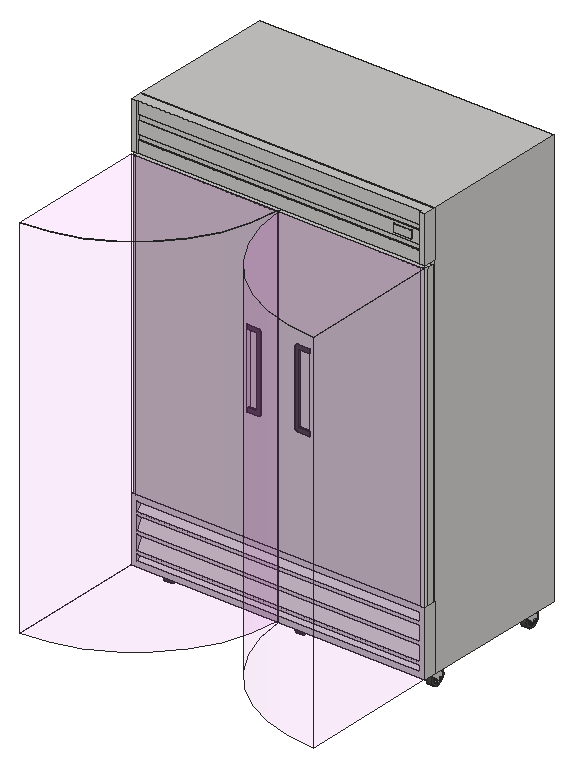
Revit family "QF_Summit_ACFF436L_General_Purpose_Healthcare_Freezer", category Specialty Equipment, Revit 2020
Family settings
  Round Connector Dimension = Use Diameter
  Part Type = Normal
  Work Plane-Based = No
  Always vertical = Yes
  Cut with Voids When Loaded = No
  Shared = No
  Room Calculation Point = No
Parameters
  Weight in Pounds = 428
  Watts = if(Phase = 3, Volts * FL Amps * 1.73, Volts * FL Amps)  # 517.5 W
  Volts = 115 V
  URL Cutsheet = ""
  Specification by User = ""
  Specification by Manufacturer = ""
  Show Clearance [instance] = yes
  Serial Number = ""
  Seismic Rating = ""
  SMACNA No = ""
  Revision Code = ""
  Phase = 1
  Number of Poles = 1
  NAFEM Spec ID Number = ""
  Model = "ACFF436L"
  Min Ckt Ampacity = 0 A
  Max Overcurrent Protection = 0 A
  Masterspec = ""
  Manufacturer = "Summit"
  Length = 54 1/4"
  Item Number = ""
  Installed By = ""
  Identify Quantity as Lot = yes
  Height = 81 1/2"
  HP = ""
  Furnished By = ""
  Foodservice Equipment Identifier = yes
  FL Amps = 4.5 A
  Electrical Remarks = ""
  Electric Connection Type = ""
  Elec Conn RI Height = 0"
  Elec Conn Connection Height = 0"
  Description = "General Purpose Healthcare Freezer"
  Depth = 29 3/4"
  Default Elevation = 0"
  Cycle = 60 Hz
  Conn Plug = ""
  Conn Conduit = yes
  CSI MasterFormat = ""
  Apparent Power = if(Phase = 3, Volts * FL Amps * 1.73, Volts * FL Amps)  # 517.5 VA
Reference planes (in)
  plane 1 "BACK": y = 0
  plane 2: z = 0
  plane 3 "LEFT": x = 0
  plane 4 "RIGHT": x = 54.25
  plane 5 "FRONT": y = -29.75
  plane 6 "TOP": z = 81.5
  plane 7 "Center Y": x = 27.125
  plane 8 "Center X": y = -14.875
  plane 9 "Base Height": z = 3.5
  plane 10: y = 0.75
  plane 11: y = -55.5
  plane 12: y = -27.5
Forms (in)
  Extrusion 1, solid, material "QF_Metal_Stainless_Polished"
    sketch origin (0, 0, 3.5) x (-1, 0, 0) y (0, -1, 0)
      loop
        line (-1, 26.5) -> (-53.25, 26.5) -> (-53.25, 1) -> (-1, 1) -> (-1, 26.5)
    from 0 to 0.75
  Extrusion 2, solid, material "QF_Metal_Stainless_Polished"
    sketch origin (0, 0, 4.25) x (-1, 0, 0) y (0, -1, 0)
      loop
        line (0, 0) -> (0, 27.5) -> (-54.25, 27.5) -> (-54.25, 0) -> (0, 0)
    from 0 to 77.25
  Extrusion 3, solid, material "QF_Metal_Stainless_Polished"
    sketch origin (57.38997, -27.5, 4.25) x (-1, 0, 0) y (0, 0, -1)
      loop
        line (57.38997, -77.25) -> (57.38997, -68.625) -> (56.38997, -68.625) -> (56.38997, -77.25) -> (57.38997, -77.25)
      loop
        line (3.13997, -77.25) -> (4.13997, -77.25) -> (4.13997, -68.625) -> (3.13997, -68.625) -> (3.13997, -77.25)
      loop
        line (57.38997, -12) -> (57.38997, 0) -> (3.13997, 0) -> (3.13997, -12) -> (57.38997, -12)
      loop
        line (56.38997, -1) -> (4.13997, -1) -> (4.13997, -11) -> (56.38997, -11) -> (56.38997, -1)
    from 0 to 2.25
  Extrusion 4, solid, material "QF_Metal_Stainless_Polished"
    sketch origin (1, -27.5, 81.5) x (0, 0, -1) y (0, 1, 0)
      loop
        line (75, -2.25) -> (75, -1) -> (76.25, -2.25) -> (76.25, 0) -> (66.25, 0) -> (66.25, -1) -> (68, -2.25) -> (68.5, -2.25) -> (68.5, -1) -> (71.25, -2.25) -> (71.75, -2.25) -> (71.75, -1) -> (74.5, -2.25) -> (75, -2.25)
      loop
        line (2.25, -2) -> (2.25, -1.75) -> (3.25, -1.75) -> (3.25, -2) -> (5.5, -2) -> (5.5, -1.75) -> (6.5, -1.75) -> (6.5, -2) -> (8.625, -2) -> (8.625, 0) -> (0, 0) -> (0, -2) -> (2.25, -2)
    from 0 to 52.25
  Extrusion 5, solid, material "QF_Rubber - Black - Smooth"
    sketch origin (57.38997, -27.5, 4.25) x (-1, 0, 0) y (0, 0, -1)
      loop
        line (57.01497, -12.375) -> (3.51497, -12.375) -> (3.51497, -67.75) -> (57.01497, -67.75) -> (57.01497, -12.375)
    from 0 to 0.5
  Extrusion 6, solid, material "QF_Metal_Stainless_Polished"
    sketch origin (54.25, -27.5, 16.25) x (-1, 0, 0) y (0, -1, 0)
      loop
        arc (53.5, 2.2465) -> (54.03033, 2.02683) -> (54.25, 1.4965) r 0.75
        line (54.25, 1.4965) -> (54.25, 0.5) -> (27.25, 0.5) -> (27.25, 2.25) -> (53.5, 2.25)
      loop
        arc (0.75, 2.2465) -> (0.21967, 2.02683) -> (0, 1.4965) r 0.75
        line (0, 1.4965) -> (0, 0.5) -> (27, 0.5) -> (27, 2.25) -> (0.75, 2.25)
    from 0 to 56.125
  Extrusion 7, solid, material "QF_Metal_Stainless_Polished"
    sketch origin (1, -29.5, 81.5) x (0, 0, -1) y (1, 0, 0)
      loop
        line (4.98688, 50.65) -> (3.76313, 50.65)
        arc (3.76313, 50.65) -> (3.68534, 50.61778) -> (3.65313, 50.54) r 0.11
        line (3.65313, 50.54) -> (3.65313, 47.46)
        arc (3.65313, 47.46) -> (3.68534, 47.38222) -> (3.76313, 47.35) r 0.11
        line (3.76313, 47.35) -> (4.98688, 47.35)
        arc (4.98688, 47.35) -> (5.06466, 47.38222) -> (5.09688, 47.46) r 0.11
        line (5.09688, 47.46) -> (5.09688, 50.54)
        arc (5.09688, 50.54) -> (5.06466, 50.61778) -> (4.98688, 50.65) r 0.11
    from 0 to 0.0625
  Extrusion 8, void
    sketch origin (1, -29.5, 81.5) x (0, 0, -1) y (1, 0, 0)
      loop
        line (29.8125, 22.375) -> (29.8125, 20.25) -> (44.3125, 20.25) -> (44.3125, 22.375)
        arc (44.3125, 22.375) -> (44.12944, 22.81694) -> (43.6875, 23) r 0.625
        line (43.6875, 23) -> (30.4375, 23)
        arc (30.4375, 23) -> (29.99556, 22.81694) -> (29.8125, 22.375) r 0.625
      loop
        arc (29.8125, 29.875) -> (29.99556, 29.43306) -> (30.4375, 29.25) r 0.625
        line (30.4375, 29.25) -> (43.6875, 29.25)
        arc (43.6875, 29.25) -> (44.12944, 29.43306) -> (44.3125, 29.875) r 0.625
        line (44.3125, 29.875) -> (44.3125, 32) -> (29.8125, 32) -> (29.8125, 29.875)
    from -0.5 to 0.5
  Extrusion 9, solid, material "QF_Metal_Black"
    sketch origin (27, -29.75, 16.25) x (-1, 0, 0) y (0, 0, -1)
      loop
        line (3.625, -35.4375) -> (5.75, -35.4375) -> (5.75, -34.6872) -> (3.8753, -34.6872)
        arc (3.8753, -34.6872) -> (3.78227, -34.64617) -> (3.7503, -34.54965) r 0.1253
        line (3.7503, -34.54965) -> (3.7503, -21.82535)
        arc (3.7503, -21.82535) -> (3.78227, -21.72883) -> (3.8753, -21.6878) r 0.1253
        line (3.8753, -21.6878) -> (5.75, -21.6878) -> (5.75, -20.9375) -> (3.625, -20.9375)
        arc (3.625, -20.9375) -> (3.18306, -21.12056) -> (3, -21.5625) r 0.625
        line (3, -21.5625) -> (3, -34.8125)
        arc (3, -34.8125) -> (3.18306, -35.25444) -> (3.625, -35.4375) r 0.625
      loop
        arc (-3.875, -35.4375) -> (-3.43306, -35.25444) -> (-3.25, -34.8125) r 0.625
        line (-3.25, -34.8125) -> (-3.25, -21.5625)
        arc (-3.25, -21.5625) -> (-3.43306, -21.12056) -> (-3.875, -20.9375) r 0.625
        line (-3.875, -20.9375) -> (-6, -20.9375) -> (-6, -21.6878) -> (-4.1253, -21.6878)
        arc (-4.1253, -21.6878) -> (-4.03227, -21.72883) -> (-4.0003, -21.82535) r 0.1253
        line (-4.0003, -21.82535) -> (-4.0003, -34.54965)
        arc (-4.0003, -34.54965) -> (-4.03227, -34.64617) -> (-4.1253, -34.6872) r 0.1253
        line (-4.1253, -34.6872) -> (-6, -34.6872) -> (-6, -35.4375) -> (-3.875, -35.4375)
    from 0 to -0.25
  Extrusion 10, solid
    sketch origin (0, 0, 4.25) x (1, 0, 0) y (0, 0, -1)
      loop
        circle (50.68575, -1.3843) r 0.25
    from 0 to 0.0625
  Extrusion 11, solid
    sketch origin (0, 0, 4.25) x (1, 0, 0) y (0, 0, -1)
      loop
        line (44.5, -8.5) -> (46.25, -8.5) -> (46.25, -6.25) -> (44.5, -6.25) -> (44.5, -8.5)
    from 0 to 0.75
  Extrusion 12, solid, material "QF_Clearances_Door_Drawer", visible <- "Show Clearance"
    sketch origin (54.25, -27.5, 16.25) x (0, -1, 0) y (-1, 0, 0)
      loop
        arc (2.25, 27.27895) -> (20.52882, 35.6053) -> (28, 54.25) r 27
        line (28, 54.25) -> (2.25, 54.25) -> (2.25, 27.27895)
      loop
        line (2.25, 26.97105) -> (2.25, 0) -> (28, 0)
        arc (28, 0) -> (20.52882, 18.6447) -> (2.25, 26.97105) r 27
    from -56.125 to 12
Cuts and joins
  joined: Extrusion 3, Extrusion 4
  Extrusion 8 cuts Extrusion 6
Lines and regions (in)
  Split face 1
    outline origin (1, -29.5625, 81.5) x (0, 0, -1) y (1, 0, 0)
      loop
        line (4.61563, 48.0375) -> (4.61563, 49.9614) -> (3.85938, 49.9614) -> (3.85938, 48.0375) -> (4.61563, 48.0375)
  Split face 2
    outline origin (1, -29.5625, 81.5) x (0, 0, -1) y (1, 0, 0)
      loop
        line (4.01486, 50.41322) -> (3.82958, 50.30625) -> (4.01486, 50.19928) -> (4.01486, 50.41322)
  Split face 3
    outline origin (1, -29.5625, 81.5) x (0, 0, -1) y (1, 0, 0)
      loop
        line (4.28794, 50.41322) -> (4.28794, 50.19928) -> (4.47322, 50.30625) -> (4.28794, 50.41322)
  Split face 4
    outline origin (1, -29.5625, 81.5) x (0, 0, -1) y (1, 0, 0)
      loop
        circle (4.90931, 50.30625) r 0.10697
  symbolic lines
    curve 1: line (0, 0, 3.5) -> (54.25, 0, 3.5)
    curve 2: line (0, -29.75, 3.5) -> (0, 0, 3.5)
    curve 3: line (54.25, -27.5, 3.5) -> (0, -27.5, 3.5)
    curve 4: line (54.25, 0, 3.5) -> (54.25, -29.75, 3.5)
    curve 5: line (1, -29.5, 3.5) -> (53.25, -29.5, 3.5)
    curve 6: line (0, -29.75, 3.5) -> (54.25, -29.75, 3.5)
    curve 7: line (53.25, -29.5, 3.5) -> (53.25, -29.75, 3.5)
    curve 8: line (1, -29.5, 3.5) -> (1, -29.75, 3.5)
    curve 13: line (44.5, 0, 3.5) -> (44.5, 0.75, 3.5)
    curve 14: line (44.5, 0.75, 3.5) -> (46.25, 0.75, 3.5)
    curve 15: line (46.25, 0.75, 3.5) -> (46.25, 0, 3.5)
  symbolic lines, style "QF_Clearances_Door_Drawer", visible <- "Show Clearance"
    curve 9: line (54.25, -29.75, 3.5) -> (31.42738, -42.92664, 3.5)
    curve 10: arc (31.42738, -42.92664, 3.5) -> (28.4962, -36.60812, 3.5) -> (27.27895, -29.75, 3.5) r 27
    curve 11: line (0, -29.75, 3.5) -> (22.82262, -42.92664, 3.5)
    curve 12: arc (22.82262, -42.92664, 3.5) -> (25.7538, -36.60812, 3.5) -> (26.97105, -29.75, 3.5) r 27
Dimensions and locks (in)
  equal spacing: plane 3 "LEFT", plane 7 "Center Y", plane 4 "RIGHT"
  "Length": plane 3 "LEFT" to plane 4 "RIGHT"
  equal spacing: plane 5 "FRONT", plane 8 "Center X", plane 1 "BACK"
  "Depth": plane 5 "FRONT" to plane 1 "BACK"
  "Height": plane 6 "TOP" to level
  plane 9 "Base Height" to level = 3 1/2"
  plane 6 "TOP" to plane 9 "Base Height" = 78"
  plane 1 "BACK" to plane 10 = 3/4"
  plane 10 to plane 11 = 56 1/4"
  plane 12 to plane 1 "BACK" = 27 1/2"
  aligned and locked: level to plane 2
Automatic sketch dimensions
  plane 1 "BACK" to Extrusion 1 sketch curve = 1"
  plane 4 "RIGHT" to Extrusion 1 sketch curve = 1"
  plane 3 "LEFT" to Extrusion 1 sketch curve = 1"
  plane 12 to Extrusion 1 sketch curve = 1"
  Extrusion 1 to Extrusion 2 sketch curve = 1"  (x4)
  Extrusion 3 sketch curve to Extrusion 2 = 0"  (x7)
  Extrusion 3 sketch curve to Extrusion 2 = 1"  (x2)
  Extrusion 2 to Extrusion 3 sketch curve = 1"  (x3)
  Extrusion 2 to Extrusion 3 sketch curve = 8 5/8"  (x2)
  Extrusion 2 to Extrusion 3 sketch curve = 12"
  Extrusion 3 sketch curve to Extrusion 3 sketch curve = 1"
  Extrusion 3 to Extrusion 4 sketch curve = 0"
  Extrusion 4 sketch curve to Extrusion 3 = 0"  (x7)
  Extrusion 3 to Extrusion 4 sketch curve = 1/4"  (x3)
  Extrusion 3 to Extrusion 4 sketch curve = 2 1/4"
  Extrusion 4 sketch curve to Extrusion 4 sketch curve = 1"  (x2)
  Extrusion 4 sketch curve to Extrusion 4 sketch curve = 2 1/4"
  Extrusion 3 to Extrusion 4 sketch curve = 1/2"
  Extrusion 4 sketch curve to Extrusion 3 = 57 5/8"
  Extrusion 4 sketch curve to Extrusion 4 sketch curve = 1 3/4"
  Extrusion 4 sketch curve to Extrusion 4 sketch curve = 1/2"  (x3)
  Extrusion 4 sketch curve to Extrusion 4 sketch curve = 2 3/4"  (x2)
  Extrusion 3 to Extrusion 4 sketch curve = 1"  (x4)
  Extrusion 4 sketch curve to Extrusion 4 sketch curve = 1 1/4"
  Extrusion 4 sketch curve to Extrusion 4 sketch curve = 1/4"
  Extrusion 5 sketch curve to Extrusion 2 = 3/8"
  Extrusion 2 to Extrusion 5 sketch curve = 3/8"
  Extrusion 2 to Extrusion 5 sketch curve = 9 1/2"
  Extrusion 2 to Extrusion 5 sketch curve = 12 3/8"
  Extrusion 6 sketch curve to Extrusion 3 = 0"  (x4)
  Extrusion 6 sketch curve to Extrusion 6 sketch curve = 3/4"
  Extrusion 3 to Extrusion 6 sketch curve = 1/2"
  Extrusion 6 sketch curve to Extrusion 6 sketch curve = 26 1/4"
  Extrusion 6 sketch curve to Extrusion 6 sketch curve = 1/4"
  Extrusion 6 sketch curve to Extrusion 3 = 3/4"
  Extrusion 6 sketch curve to Extrusion 6 sketch curve = 0"  (x3)
  Extrusion 3 to Extrusion 6 sketch curve = 0.7535"  (x2)
  Extrusion 4 to Extrusion 7 sketch curve = 0.40313"
  Extrusion 7 sketch curve to Extrusion 7 sketch curve = 0.11"  (x3)
  Extrusion 7 sketch curve to Extrusion 4 = 0.51312"  (x2)
  Extrusion 4 to Extrusion 7 sketch curve = 4.9"
  Extrusion 4 to Extrusion 7 sketch curve = 1.71"
  Split face 1 sketch curve to Extrusion 7 = 0.20625"
  Split face 1 sketch curve to Extrusion 7 = 0.48125"
  Split face 1 sketch curve to Extrusion 7 = 11/16"
  Split face 1 sketch curve to Extrusion 7 = 0.6886"
  Split face 2 sketch curve to Extrusion 7 = 0.36173"
  Split face 2 sketch curve to Extrusion 7 = 0.23678"
  Split face 2 sketch curve to Split face 2 sketch curve = 0.18528"
  Split face 2 sketch curve to Split face 2 sketch curve = 0.10697"  (x2)
  Split face 3 sketch curve to Extrusion 7 = 0.63482"
  Split face 3 sketch curve to Extrusion 7 = 0.45072"
  Split face 3 sketch curve to Extrusion 7 = 0.23678"
  Split face 3 sketch curve to Split face 3 sketch curve = 0.18528"
  Split face 3 sketch curve to Split face 3 sketch curve = 0.10697"
  Split face 4 sketch curve to Extrusion 7 = 0.18757"
  Split face 4 sketch curve to Extrusion 7 = 11/32"
  Extrusion 4 to Extrusion 8 sketch curve = 24 5/16"
  Extrusion 8 sketch curve to Extrusion 8 sketch curve = 0"  (x2)
  Extrusion 8 sketch curve to Extrusion 8 sketch curve = 5/8"  (x4)
  Extrusion 8 sketch curve to Extrusion 8 sketch curve = 13 1/4"
  Extrusion 4 to Extrusion 8 sketch curve = 20 1/4"
  Extrusion 8 sketch curve to Extrusion 8 sketch curve = 2 1/8"  (x2)
  Extrusion 8 sketch curve to Extrusion 8 sketch curve = 6 1/4"
  Extrusion 9 sketch curve to Extrusion 6 = 6"  (x2)
  Extrusion 9 sketch curve to Extrusion 9 sketch curve = 1.8747"  (x4)
  Extrusion 9 sketch curve to Extrusion 9 sketch curve = 0.0003"  (x4)
  Extrusion 9 sketch curve to Extrusion 9 sketch curve = 0.1247"  (x3)
  Extrusion 9 sketch curve to Extrusion 9 sketch curve = 0.2503"  (x2)
  Extrusion 9 sketch curve to Extrusion 9 sketch curve = 5/8"  (x4)
  Extrusion 6 to Extrusion 9 sketch curve = 3"
  Extrusion 9 sketch curve to Extrusion 9 sketch curve = 0.1253"  (x4)
  Extrusion 6 to Extrusion 9 sketch curve = 20 11/16"
  Extrusion 9 sketch curve to Extrusion 9 sketch curve = 0.7503"
  Extrusion 9 sketch curve to Extrusion 9 sketch curve = 12.72431"
  Extrusion 9 sketch curve to Extrusion 9 sketch curve = 0"
  Extrusion 9 sketch curve to Extrusion 9 sketch curve = 0.01225"  (x2)
  Extrusion 9 sketch curve to Extrusion 9 sketch curve = 0.26285"  (x2)
  Extrusion 2 to Extrusion 10 sketch curve = 1.3843"
  Extrusion 10 sketch curve to Extrusion 2 = 3.56425"
  Extrusion 11 sketch curve to Extrusion 2 = 9 3/4"
  Extrusion 11 sketch curve to Extrusion 11 sketch curve = 1 3/4"
  Extrusion 2 to Extrusion 11 sketch curve = 68 3/4"
  Extrusion 11 sketch curve to Extrusion 11 sketch curve = 2 1/4"
  Extrusion 12 sketch curve to Extrusion 6 = 0"  (x3)
  Extrusion 6 to Extrusion 12 sketch curve = 0"
  Extrusion 6 to Extrusion 12 sketch curve = 1/2"  (x2)
  Extrusion 12 sketch curve to Extrusion 12 sketch curve = 25 3/4"
  Extrusion 12 sketch curve to Extrusion 6 = 25 3/4"
  curve 9 to plane 4 "RIGHT" = 0"
  curve 10 to plane 4 "RIGHT" = 0"
  plane 5 "FRONT" to curve 7 = 0"
  curve 15 to plane 10 = 0"
  plane 1 "BACK" to curve 13 = 0"
  curve 3 to plane 3 "LEFT" = 0"
  curve 12 to plane 3 "LEFT" = 0"
  curve 3 to plane 12 = 0"
  curve 5 to plane 5 "FRONT" = 1/4"
  plane 4 "RIGHT" to curve 5 = 1"
  plane 4 "RIGHT" to curve 13 = 9 3/4"
  plane 7 "Center Y" to curve 9 = 4.30238"
  curve 11 to plane 7 "Center Y" = 4.30238"
  plane 3 "LEFT" to curve 5 = 1"
  curve 3 to curve 12 = 1"
  curve 3 to curve 10 = 1"
  plane 11 to curve 9 = 12.57336"
  curve 11 to curve 10 = 0"
  curve 15 to curve 13 = 1 3/4"
  radius of Split face 4 sketch curve = 0.10697"
  radius of Extrusion 10 sketch curve = 1/4"
Nested families (in)
  nested 1: "3.5 INCHES_CASTER" at (51.4375, -2.8125, 0), type "3.5 INCHES_CASTER"
    with Show Key Lock no, Show 3.5 Inches Casters yes, F5 yes
  nested 2: "3.5 INCHES_CASTER" at (51.4375, -24.6875, 0), type "3.5 INCHES_CASTER"
    with Show Key Lock no, Show 3.5 Inches Casters yes, F5 yes
  nested 3: "3.5 INCHES_CASTER" at (27.125, -2.8125, 0), type "3.5 INCHES_CASTER"
    with Show Key Lock no, Show 3.5 Inches Casters yes, F5 yes
  nested 4: "3.5 INCHES_CASTER" at (27.125, -24.6875, 0), type "3.5 INCHES_CASTER"
    with Show Key Lock no, Show 3.5 Inches Casters yes, F5 yes
  nested 5: "3.5 INCHES_CASTER" at (2.8125, -2.8125, 0), type "3.5 INCHES_CASTER"
    with Show Key Lock no, Show 3.5 Inches Casters yes, F5 yes
  nested 6: "3.5 INCHES_CASTER" at (2.8125, -24.6875, 0), type "3.5 INCHES_CASTER"
    with Show Key Lock no, Show 3.5 Inches Casters yes, F5 yes
Connectors (in)
  electrical at (50.68575, 0.0625, 5.6343), driven by "Volts"
    settings: on Extrusion 10, index 1, voltage 115 V, apparent load 0 VA, apparent load phase1 0 VA, apparent load phase2 0 VA, apparent load phase3 0 VA, power factor 1, load classification "Other", number of poles 1, system type 30, power factor state 1, is connector primary yes, connector utility no, sub classification motor no, connector description "Electrical Connection"
Definition of nested family "3.5 INCHES_CASTER"
  Parameters (values of type "3.5 INCHES_CASTER")
    Show Key Lock [instance] = no
    Show 3.5 Inches Casters [instance] = yes
    F5 [instance] = yes
    Default Elevation = 0"
  Reference planes (in)
    plane 1 "Center (Front/Back)": y = 0
    plane 2: z = 0
    plane 3 "Center (Left/Right)": x = 0
  Forms (in)
    Revolve 1, solid, visible <- "Show 3.5 Inches Casters"
      sketch origin (-1.93794, 0.76004, -1.25409) x (1, 0, 0) y (0, 0, 1)
        loop
          line (0.81956, 2.6291) -> (0.81956, 2.56922) -> (0.85393, 2.53485) -> (0.92956, 2.53485) -> (0.92956, 2.44602) -> (1.29838, 2.44602) -> (1.29838, 2.30132) -> (1.38482, 2.25141) -> (1.42737, 1.98847) -> (1.37588, 1.98847) -> (1.37588, 1.78535) -> (1.40713, 1.78535) -> (1.40713, 1.25409) -> (2.46875, 1.25409) -> (2.46875, 1.78535) -> (2.5, 1.78535) -> (2.5, 1.98847) -> (2.44851, 1.98847) -> (2.49106, 2.25141) -> (2.5775, 2.30132) -> (2.5775, 2.44602) -> (2.94632, 2.44602) -> (2.94632, 2.53485) -> (3.02195, 2.53485) -> (3.05632, 2.56922) -> (3.05632, 2.6291) -> (0.81956, 2.6291)
        axis (0.81956, 2.6291) -> (3.05632, 2.6291)
      angle from 0 to 360
    Extrusion 2, solid, visible <- "Show 3.5 Inches Casters"
      sketch origin (-1.98481, 1.80294, -2.15059) x (0, 1, 0) y (0, 0, 1)
        loop
          line (-3.08794, 5.33423) -> (-3.08794, 5.00584) -> (-0.60262, 5.00584) -> (-0.64294, 5.33423) -> (-3.08794, 5.33423)
      from 1.29857 to 2.67106
    Revolve 3, solid, visible <- "Show 3.5 Inches Casters"
      sketch origin (0, 2.15543, -2.6465) x (0, 1, 0) y (0, 0, 1)
        loop
          line (-2.21793, 6.1465) -> (-2.21793, 5.83014) -> (-1.05793, 5.83014) -> (-1.05793, 6.1465) -> (-2.21793, 6.1465)
        axis (-2.21793, 5.83014) -> (-2.21793, 6.1465)
      angle from 0 to 360
    Extrusion 4, solid, visible <- "Show 3.5 Inches Casters"
      sketch origin (-2.06294, 1.80294, -2.15059) x (0, 1, 0) y (0, 0, 1)
        loop
          line (-3.08794, 5.33423) -> (-3.08794, 5.00584) -> (-1.48396, 3.16068)
          arc (-1.48396, 3.16068) -> (-0.78568, 3.00588) -> (-0.43349, 3.62838) r 0.60122
          line (-0.43349, 3.62838) -> (-0.64294, 5.33423) -> (-3.08794, 5.33423)
      from 2.74918 to 2.90825
    Extrusion 5, solid, visible <- "Show 3.5 Inches Casters"
      sketch origin (2.06294, 1.80294, -2.15059) x (0, 1, 0) y (0, 0, -1)
        loop
          line (-1.48396, -3.16068) -> (-3.08794, -5.00584) -> (-3.08794, -5.33423) -> (-0.64294, -5.33423) -> (-0.43349, -3.62838)
          arc (-0.43349, -3.62838) -> (-0.78568, -3.00588) -> (-1.48396, -3.16068) r 0.60122
      from 2.74918 to 2.90825
    Extrusion 6, solid, visible <- "Show Key Lock"
      sketch origin (0.89862, 1.76789, -1.14362) x (0, 1, 0) y (0, 0, 1)
        loop
          line (-2.39989, 2.09738) -> (-2.30783, 1.93793)
          arc (-2.30783, 1.93793) -> (-2.13879, 1.80822) -> (-1.92754, 1.83603) r 0.27839
          line (-1.92754, 1.83603) -> (-1.57029, 2.04229)
          arc (-1.57029, 2.04229) -> (-1.50315, 2.0701) -> (-1.4311, 2.07959) r 0.27839
          line (-1.4311, 2.07959) -> (-0.7723, 2.07959)
          arc (-0.7723, 2.07959) -> (-0.54587, 2.1597) -> (-0.40191, 2.35195) r 0.41441
          arc (-0.40191, 2.35195) -> (-0.40626, 2.37968) -> (-0.42634, 2.39928) r 0.04447
          arc (-0.42634, 2.39928) -> (-0.65412, 2.51672) -> (-0.57031, 2.7589) r 0.19568
          line (-0.57031, 2.7589) -> (0.02632, 3.10345)
          arc (0.02632, 3.10345) -> (0.11345, 3.07896) -> (0.08683, 2.99246) r 0.06323
          line (0.08683, 2.99246) -> (0.20301, 2.87627)
          arc (0.20301, 2.87627) -> (0.31262, 3.04375) -> (0.28154, 3.24147) r 0.27839
          line (0.28154, 3.24147) -> (0.10659, 3.54449) -> (-0.58666, 3.14425)
          arc (-0.58666, 3.14425) -> (-0.69753, 3.13092) -> (-0.80919, 3.13219) r 0.85288
          arc (-0.80919, 3.13219) -> (-1.11116, 3.06753) -> (-1.33427, 2.85402) r 0.56619
          arc (-1.33427, 2.85402) -> (-1.39407, 2.74283) -> (-1.464, 2.63771) r 1.34854
          line (-1.464, 2.63771) -> (-1.78367, 2.45315) -> (-2.39989, 2.09738)
      from 0 to 0.0625
    Extrusion 7, solid, visible <- "Show Key Lock"
      sketch origin (1.14862, 1.76789, -1.14362) x (0, 1, 0) y (0, 0, 1)
        loop
          arc (0.20301, 2.87627) -> (0.29927, 2.99974) -> (0.31368, 3.15563) r 0.27839
          line (0.31368, 3.15563) -> (-0.30331, 2.71182)
          arc (-0.30331, 2.71182) -> (-0.32179, 2.59866) -> (-0.20862, 2.58018) r 0.08108
          line (-0.20862, 2.58018) -> (0.20301, 2.87627)
      from -0.25 to 0.5
  Cuts and joins
    joined: Extrusion 2, Extrusion 4, Extrusion 5
  Lines and regions (in)
    symbolic lines, visible <- "Show 3.5 Inches Casters"
      curve 1: line (-1.07514, -0.72999, 0) -> (-0.15575, -1.2608, 0)
      curve 2: line (0.15575, 1.40198, 0) -> (-0.21925, 0.75247, 0)
      curve 3: line (1.07514, 0.87117, 0) -> (0.15575, 1.40198, 0)
      curve 4: line (-0.15575, -1.2608, 0) -> (0.28086, -0.50457, 0)
      curve 5: line (-0.65215, 0.00266, 0) -> (-1.07514, -0.72999, 0)
      curve 6: line (0.70014, 0.22166, 0) -> (1.07514, 0.87117, 0)
  Dimensions and locks (in)
    aligned and locked: level to plane 2
